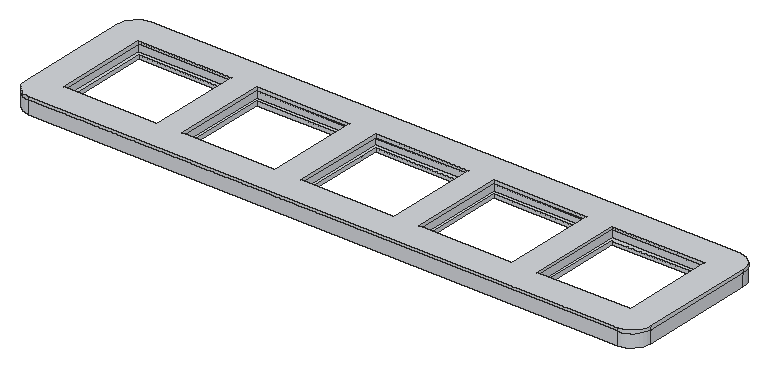
Revit family "Gira_0215413", category Electrical Fixtures, host Face, Revit 2017
Family settings
  Host = Face
  Maintain Annotation Orientation = No
  Round Connector Dimension = Use Diameter
  Part Type = Normal
  Cut with Voids When Loaded = No
  Shared = No
  Room Calculation Point = No
Parameters (values of type "Abdeckrahmen 5f Gira E3 Dklgrau/Reinweiß")
  Werkstoffgüte = "sonstige"
  Werkstoff = "sonstige"
  URL = "http://katalog.gira.de/de_DE/datenblatt.html?artikelnr=0215413"
  Transparent = "No"
  Textfeld/Beschriftungsfläche = "No"
  Schutzart (IP) = "IP20"
  Region = "DE"
  Oberfläche = "sonstige"
  Name = "Abdeckrahmen 5f Gira E3 Dklgrau/Reinweiß"
  Montagerichtung = "horizontal und vertikal"
  Mit Montagerahmen = "No"
  Mit Klappdeckel = "No"
  Manufacturer URL = "https://www.gira.de/"
  Keynote = "E3_Rahmen_5fach"
  HeinzeBIM = "https://bimportal.heinze.de/bim/abdeckrahmen-5f-gira-e3-dklgrau-reinweiss/23e36760d3b5fedf9e16d8d0122bd02d974aa819"
  Halogenfrei = "No"
  HAN = "0215413"
  Geeignet für Unterputz-Installation = "Yes"
  Geeignet für Unterflurkanaldose = "No"
  Geeignet für Geräteeinbaukanal = "No"
  Geeignet für Einbauinstallation = "No"
  GTIN = "4010337024064"
  Farbe = "sonstige"
  Default Elevation = 1219.2 mm
  Data sheet (1) = "https://katalog.gira.de/de_DE/download.html?artikelnr=0215413"
  Category = "Abdeckrahmen"
  Befestigungsart = "Klemmbefestigung"
  Available = "Yes"
  Anzahl der Einheiten vertikal = "5 "
  Anzahl der Einheiten horizontal = "5 "
  Anzahl der Einheiten = "5 "
Reference planes
  plane 1 "Center (Front/Back)": y = 0
  plane 2: z = 0
  plane 3 "Center (Left/Right)": x = 0
Forms (mm)
  Extrusion 1, solid, detail levels fine
    sketch origin (0, 0, 0) x (1, 0, 0) y (0, 1, 0)
      loop
        arc (-177.4, 45.809) -> (-185.185, 42.585) -> (-188.409, 34.8) r 11.009
        line (-188.409, 34.8) -> (-188.409, -34.8)
        arc (-188.409, -34.8) -> (-185.185, -42.585) -> (-177.4, -45.809) r 11.009
        line (-177.4, -45.809) -> (177.4, -45.809)
        arc (177.4, -45.809) -> (185.185, -42.585) -> (188.409, -34.8) r 11.009
        line (188.409, -34.8) -> (188.409, 34.8)
        arc (188.409, 34.8) -> (185.185, 42.585) -> (177.4, 45.809) r 11.009
        line (177.4, 45.809) -> (-177.4, 45.809)
      loop
        line (-114.5, 28.187) -> (-170.756, 28.187) -> (-170.756, -28.187) -> (-114.5, -28.187) -> (-114.5, 28.187)
      loop
        line (-99.6, 28.187) -> (-99.6, -28.187) -> (-43.344, -28.187) -> (-43.344, 28.187) -> (-99.6, 28.187)
      loop
        line (114.5, 28.187) -> (114.5, -28.187) -> (170.756, -28.187) -> (170.756, 28.187) -> (114.5, 28.187)
      loop
        line (28.301, 28.187) -> (-27.955, 28.187) -> (-27.955, -28.187) -> (28.301, -28.187) -> (28.301, 28.187)
      loop
        line (43.143, 28.187) -> (43.143, -28.187) -> (99.399, -28.187) -> (99.399, 28.187) -> (43.143, 28.187)
    from 7.65 to 9.5
  Extrusion 2, solid, detail levels fine
    sketch origin (-142.8, 0, 0) x (1, 0, 0) y (0, 1, 0)
      loop
        line (26.1, 25.7) -> (-25.7, 25.7) -> (-25.7, -25.7) -> (26.1, -25.7) -> (26.1, 25.7)
      loop
        line (-28.187, -28.156) -> (28.187, -28.156) -> (28.187, 28.156) -> (-28.187, 28.156) -> (-28.187, -28.156)
    from 1.65 to 3.9
  Extrusion 3, solid, detail levels fine
    sketch origin (0, 0, 0) x (1, 0, 0) y (0, 1, 0)
      loop
        arc (-177.4, 45.809) -> (-185.185, 42.585) -> (-188.409, 34.8) r 11.009
        line (-188.409, 34.8) -> (-188.409, -34.8)
        arc (-188.409, -34.8) -> (-185.185, -42.585) -> (-177.4, -45.809) r 11.009
        line (-177.4, -45.809) -> (177.4, -45.809)
        arc (177.4, -45.809) -> (185.185, -42.585) -> (188.409, -34.8) r 11.009
        line (188.409, -34.8) -> (188.409, 34.8)
        arc (188.409, 34.8) -> (185.185, 42.585) -> (177.4, 45.809) r 11.009
        line (177.4, 45.809) -> (-177.4, 45.809)
      loop
        line (-186.443, 34.785) -> (-186.443, -34.785)
        arc (-186.443, -34.785) -> (-183.79, -41.19) -> (-177.385, -43.843) r 9.058
        line (-177.385, -43.843) -> (177.385, -43.843)
        arc (177.385, -43.843) -> (183.79, -41.19) -> (186.443, -34.785) r 9.058
        line (186.443, -34.785) -> (186.443, 34.785)
        arc (186.443, 34.785) -> (183.79, 41.19) -> (177.385, 43.843) r 9.058
        line (177.385, 43.843) -> (-177.385, 43.843)
        arc (-177.385, 43.843) -> (-183.79, 41.19) -> (-186.443, 34.785) r 9.058
    from 0 to 7.65
  Extrusion 4, solid, detail levels fine
    sketch origin (-35.75, 0, 0) x (1, 0, 0) y (0, 1, 0)
      loop
        line (-134.256, -31.075) -> (205.755, -31.075)
        arc (205.755, -31.075) -> (208.399, -29.98) -> (209.494, -27.337) r 3.739
        line (209.494, -27.337) -> (209.494, 27.337)
        arc (209.494, 27.337) -> (208.399, 29.98) -> (205.755, 31.075) r 3.739
        line (205.755, 31.075) -> (-134.256, 31.075)
        arc (-134.256, 31.075) -> (-136.899, 29.98) -> (-137.994, 27.337) r 3.739
        line (-137.994, 27.337) -> (-137.994, -27.337)
        arc (-137.994, -27.337) -> (-136.899, -29.98) -> (-134.256, -31.075) r 3.739
      loop
        line (-136.844, 27.537) -> (-136.844, -27.537)
        arc (-136.844, -27.537) -> (-136.145, -29.226) -> (-134.456, -29.925) r 2.389
        line (-134.456, -29.925) -> (205.955, -29.925)
        arc (205.955, -29.925) -> (207.644, -29.226) -> (208.344, -27.537) r 2.389
        line (208.344, -27.537) -> (208.344, 27.537)
        arc (208.344, 27.537) -> (207.644, 29.226) -> (205.955, 29.925) r 2.389
        line (205.955, 29.925) -> (-134.456, 29.925)
        arc (-134.456, 29.925) -> (-136.145, 29.226) -> (-136.844, 27.537) r 2.389
    from 1.65 to 7.65
  Extrusion 5, solid, detail levels fine
    sketch origin (0, 0, 0) x (1, 0, 0) y (0, 1, 0)
      loop
        line (-174.653, -39.8) -> (174.653, -39.8)
        arc (174.653, -39.8) -> (180.267, -36.708) -> (182.5, -30.7) r 9.2
        line (182.5, -30.7) -> (182.5, 30.7)
        arc (182.5, 30.7) -> (179.805, 37.205) -> (173.3, 39.9) r 9.2
        line (173.3, 39.9) -> (-173.3, 39.9)
        arc (-173.3, 39.9) -> (-179.805, 37.205) -> (-182.5, 30.7) r 9.2
        line (-182.5, 30.7) -> (-182.5, -30.7)
        arc (-182.5, -30.7) -> (-180.267, -36.708) -> (-174.653, -39.8) r 9.2
      loop
        line (-173.3, -31.7) -> (173.3, -31.7)
        arc (173.3, -31.7) -> (174.007, -31.407) -> (174.3, -30.7) r 1
        line (174.3, -30.7) -> (174.3, 30.7)
        arc (174.3, 30.7) -> (174.007, 31.407) -> (173.3, 31.7) r 1
        line (173.3, 31.7) -> (-173.3, 31.7)
        arc (-173.3, 31.7) -> (-174.007, 31.407) -> (-174.3, 30.7) r 1
        line (-174.3, 30.7) -> (-174.3, -30.7)
        arc (-174.3, -30.7) -> (-174.007, -31.407) -> (-173.3, -31.7) r 1
    from 1.65 to 3.9
  Extrusion 6, solid, detail levels fine
    sketch origin (-142.8, 0, 0) x (1, 0, 0) y (0, 1, 0)
      loop
        line (-28.187, 28.156) -> (-28.187, -28.156) -> (28.187, -28.156) -> (28.187, 28.156) -> (-28.187, 28.156)
      loop
        line (-29.925, 29.925) -> (-29.925, -29.925) -> (29.925, -29.925) -> (29.925, 29.925) -> (-29.925, 29.925)
    from 1.65 to 7.65
  Extrusion 7, solid, detail levels coarse+medium
    sketch origin (0, 0, 0) x (1, 0, 0) y (0, 1, 0)
      loop
        line (-188.409, 45.809) -> (-188.409, -45.809) -> (188.409, -45.809) -> (188.409, 45.809) -> (-188.409, 45.809)
    from 0 to 9.5
  Extrusion 8, solid, detail levels fine
    sketch origin (-71.3, 0, 0) x (-1, 0, 0) y (0, -1, 0)
      loop
        line (25.9, -25.7) -> (25.9, 25.7) -> (-25.9, 25.7) -> (-25.9, -25.7) -> (25.9, -25.7)
      loop
        line (-28.187, 28.156) -> (-28.187, -28.156) -> (28.187, -28.156) -> (28.187, 28.156) -> (-28.187, 28.156)
    from 1.65 to 3.9
  Extrusion 9, solid, detail levels fine
    sketch origin (-71.3, 0, 0) x (-1, 0, 0) y (0, -1, 0)
      loop
        line (-28.187, -28.156) -> (28.187, -28.156) -> (28.187, 28.156) -> (-28.187, 28.156) -> (-28.187, -28.156)
      loop
        line (-29.925, -29.925) -> (29.925, -29.925) -> (29.925, 29.925) -> (-29.925, 29.925) -> (-29.925, -29.925)
    from 1.65 to 7.65
  Extrusion 10, solid, detail levels fine
    sketch origin (0.2, 0, 0) x (-1, 0, 0) y (0, -1, 0)
      loop
        line (26.1, -25.7) -> (26.1, 25.7) -> (-25.7, 25.7) -> (-25.7, -25.7) -> (26.1, -25.7)
      loop
        line (-28.187, 28.156) -> (-28.187, -28.156) -> (28.187, -28.156) -> (28.187, 28.156) -> (-28.187, 28.156)
    from 1.65 to 3.9
  Extrusion 11, solid, detail levels fine
    sketch origin (0.2, 0, 0) x (-1, 0, 0) y (0, -1, 0)
      loop
        line (-28.187, -28.156) -> (28.187, -28.156) -> (28.187, 28.156) -> (-28.187, 28.156) -> (-28.187, -28.156)
      loop
        line (-29.925, -29.925) -> (29.925, -29.925) -> (29.925, 29.925) -> (-29.925, 29.925) -> (-29.925, -29.925)
    from 1.65 to 7.65
  Extrusion 12, solid, detail levels fine
    sketch origin (71.5, 0, 0) x (-1, 0, 0) y (0, -1, 0)
      loop
        line (26.1, -25.7) -> (26.1, 25.7) -> (-25.7, 25.7) -> (-25.7, -25.7) -> (26.1, -25.7)
      loop
        line (-28.187, 28.156) -> (-28.187, -28.156) -> (28.187, -28.156) -> (28.187, 28.156) -> (-28.187, 28.156)
    from 1.65 to 3.9
  Extrusion 13, solid, detail levels fine
    sketch origin (71.5, 0, 0) x (-1, 0, 0) y (0, -1, 0)
      loop
        line (-28.187, -28.156) -> (28.187, -28.156) -> (28.187, 28.156) -> (-28.187, 28.156) -> (-28.187, -28.156)
      loop
        line (-29.925, -29.925) -> (29.925, -29.925) -> (29.925, 29.925) -> (-29.925, 29.925) -> (-29.925, -29.925)
    from 1.65 to 7.65
  Extrusion 14, solid, detail levels fine
    sketch origin (142.8, 0, 0) x (-1, 0, 0) y (0, -1, 0)
      loop
        line (26.1, -25.7) -> (26.1, 25.7) -> (-25.7, 25.7) -> (-25.7, -25.7) -> (26.1, -25.7)
      loop
        line (-28.187, 28.156) -> (-28.187, -28.156) -> (28.187, -28.156) -> (28.187, 28.156) -> (-28.187, 28.156)
    from 1.65 to 3.9
  Extrusion 15, solid, detail levels fine
    sketch origin (142.8, 0, 0) x (-1, 0, 0) y (0, -1, 0)
      loop
        line (-28.187, -28.156) -> (28.187, -28.156) -> (28.187, 28.156) -> (-28.187, 28.156) -> (-28.187, -28.156)
      loop
        line (-29.925, -29.925) -> (29.925, -29.925) -> (29.925, 29.925) -> (-29.925, 29.925) -> (-29.925, -29.925)
    from 1.65 to 7.65
Dimensions and locks
  aligned and locked: plane 2 to host face
  aligned and locked: level to host face
